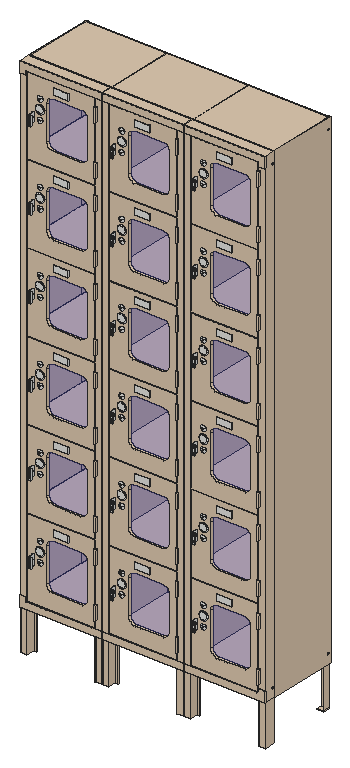
Revit family "Metal_Lockers-Salsbury_Industries-S_65000_66000_Series-3_Wide_Units", category Specialty Equipment, Revit 2016 (continued)
Nested families (in)
  nested 26: "See-Through Metal Locker Doors-12 inch with Latch Hasps" at (11.99976, -5.83, 18.74776), type <- "Door Location D1", type "Six Tier Door - 6 foot"
  nested 27: "See-Through Metal Locker Doors-12 inch with Latch Hasps" at (-0.01383, -5.83, 18.74776), type <- "Door Location D1", type "Six Tier Door - 6 foot"
  nested 28: "See-Through Metal Locker Doors-12 inch with Latch Hasps" at (-12.02717, -5.83, 18.74776), type <- "Door Location D1", type "Six Tier Door - 6 foot"
  nested 29: "See-Through Metal Locker Doors-12 inch with Latch Hasps" at (11.99976, -5.83, 30.40676), type <- "Door Location D1", type "Six Tier Door - 6 foot"
  nested 30: "See-Through Metal Locker Doors-12 inch with Latch Hasps" at (-0.01383, -5.83, 30.40676), type <- "Door Location D1", type "Six Tier Door - 6 foot"
  nested 31: "See-Through Metal Locker Doors-12 inch with Latch Hasps" at (-12.02717, -5.83, 30.40676), type <- "Door Location D1", type "Six Tier Door - 6 foot"
  nested 32: "See-Through Metal Locker Doors-12 inch with Latch Hasps" at (11.99976, -5.83, 42.06376), type <- "Door Location D1", type "Six Tier Door - 6 foot"
  nested 33: "See-Through Metal Locker Doors-12 inch with Latch Hasps" at (-0.01383, -5.83, 42.06376), type <- "Door Location D1", type "Six Tier Door - 6 foot"
  nested 34: "See-Through Metal Locker Doors-12 inch with Latch Hasps" at (-12.02717, -5.83, 42.06376), type <- "Door Location D1", type "Six Tier Door - 6 foot"
  nested 35: "See-Through Metal Locker Doors-12 inch with Latch Hasps" at (11.99976, -5.83, 53.72076), type <- "Door Location D1", type "Six Tier Door - 6 foot"
  nested 36: "See-Through Metal Locker Doors-12 inch with Latch Hasps" at (-0.01383, -5.83, 53.72076), type <- "Door Location D1", type "Six Tier Door - 6 foot"
  nested 37: "See-Through Metal Locker Doors-12 inch with Latch Hasps" at (-12.02717, -5.83, 53.72076), type <- "Door Location D1", type "Six Tier Door - 6 foot"
  nested 38: "See-Through Metal Locker Doors-12 inch with Latch Hasps" at (11.99976, -5.83, 65.37776), type <- "Door Location D1", visible <- "Top Row of Doors", type "Six Tier Door - 6 foot"
  nested 39: "See-Through Metal Locker Doors-12 inch with Latch Hasps" at (-0.01383, -5.83, 65.37776), type <- "Door Location D1", visible <- "Top Row of Doors", type "Six Tier Door - 6 foot"
  nested 40: "See-Through Metal Locker Doors-12 inch with Latch Hasps" at (-12.02717, -5.83, 65.37776), type <- "Door Location D1", visible <- "Top Row of Doors", type "Six Tier Door - 6 foot"
  nested 41: "Metal Locker Front Base" at (-12.02667, 0, 0), type <- "Front Base", type "None"
  nested 42: "Metal Locker Front Base" at (12, 0, 0), type <- "Front Base", type "None"
Definition of nested family "Metal Locker Legs - 3 Wide"
  Parameters (values of type "6" High - 45"W x 18"D")
    Width = 45.040"
    Visible = yes
    Version = "1.0 (11/30/15)"
    Type Comments = "Standard Metal Locker Legs"
    Primary Structure Material = none
    Model = "n/a"
    MasterFormat Title = ""
    MasterFormat Number = ""
    Manufacturer = "Salsbury Industries"
    Description = "45\"W x 6\" H x 18\"D"
    Depth = 18.010"
    Height = 6.000"
    Assembly Code = ""
  Types (6): name | Width | Visible | Type Comments | Description | Depth
    6" High - 36" W x 12" D | 36.040" | yes | "Standard Metal Locker Legs" | "36\"W x 6\" H x 12\"D" | 12.010"
    6" High - 36" W x 15" D | 36.040" | yes | "Standard Metal Locker Legs" | "36\"W x 6\" H x 15\"D" | 15.010"
    6" High - 36"W x 18"D | 36.040" | yes | "Standard Metal Locker Legs" | "36\"W x 6\" H x 18\"D" | 18.010"
    6" High - 45"W x 15"D | 45.040" | yes | "Standard Metal Locker Legs" | "45\"W x 6\" H x 15\"D" | 15.010"
    6" High - 45"W x 18"D | 45.040" | yes | "Standard Metal Locker Legs" | "45\"W x 6\" H x 18\"D" | 18.010"
    No Legs | 36.040" | no | "No Legs" | "" | 12.010"
  Reference planes (in)
    plane 1 "Center (Front/Back)": y = 0
    plane 2: z = 0
    plane 3 "Center (Left/Right)": x = 0
    plane 4 "Floor": z = 0
    plane 5 "Bottom of Unit": z = 6
    plane 6 "Left Side of Unit": x = -22.52
    plane 7 "Right Side of Unit": x = 22.52
    plane 8 "Back of Unit": y = 9.005
    plane 9 "Front of Unit": y = -9.005
    plane 10 "Right Side of Door Opening": x = 21.52
    plane 11 "Left Side of Door Opening": x = -21.52
    plane 12 "Top of back legs": z = 6.185
    plane 13 "Back Edge of Front Facing": y = -7.417
    plane 14 "Inside Edge of Front Leg": x = -21.08
    plane 15 "Inside Edge of Right Leg": x = 21.08
    plane 16: y = -7.82
    plane 17 "Back Edge of Rear Legs": y = 8.895
    plane 18 "Right Edge of Rear Right Leg": x = 22.4
    plane 19 "Left Edge or Rear Left Leg": x = -22.4
    plane 20: y = 7.895
    plane 21 "Inside Edge or Rear Right Leg": x = 21.4
    plane 22 "Inside Edge or Left Rear Leg": x = -21.4
    plane 23: x = 7.50667
    plane 24: x = -7.50667
  Forms (in)
    Extrusion 1, solid, material <- "Primary Structure Material", visible <- "Visible"
      sketch origin (0, 0, 0) x (0, -1, 0) y (1, 0, 0)
        loop
          line (7.417, 22.52) -> (7.417, 22.46) -> (8.945, 22.46) -> (8.945, 21.58) -> (7.76, 21.58) -> (7.76, 21.08) -> (7.82, 21.08) -> (7.82, 21.52) -> (9.005, 21.52) -> (9.005, 22.52) -> (7.417, 22.52)
      from 0 to 6
    Extrusion 2, solid, material <- "Primary Structure Material", visible <- "Visible"
      sketch origin (0, 0, 0) x (0, -1, 0) y (1, 0, 0)
        loop
          line (7.417, -22.52) -> (9.005, -22.52) -> (9.005, -21.52) -> (7.82, -21.52) -> (7.82, -21.08) -> (7.76, -21.08) -> (7.76, -21.58) -> (8.945, -21.58) -> (8.945, -22.46) -> (7.417, -22.46) -> (7.417, -22.52)
      from 0 to 6
    Extrusion 3, solid, material <- "Primary Structure Material", visible <- "Visible"
      sketch origin (0, 0, 0) x (0, -1, 0) y (1, 0, 0)
        loop
          line (-8.895, 22.4) -> (-8.895, 21.4) -> (-8.835, 21.4) -> (-8.835, 22.34) -> (-7.895, 22.34) -> (-7.895, 22.4) -> (-8.895, 22.4)
      from 0.06 to 6.185
    Extrusion 4, solid, material <- "Primary Structure Material", visible <- "Visible"
      sketch origin (0, 0, 0) x (0, -1, 0) y (1, 0, 0)
        loop
          line (-8.895, 22.4) -> (-8.895, 21.4) -> (-7.895, 21.4) -> (-7.895, 22.4) -> (-8.895, 22.4)
      from 0 to 0.06
    Extrusion 5, solid, material <- "Primary Structure Material", visible <- "Visible"
      sketch origin (0, 0, 0) x (0, -1, 0) y (1, 0, 0)
        loop
          line (-8.895, -22.4) -> (-7.895, -22.4) -> (-7.895, -22.34) -> (-8.835, -22.34) -> (-8.835, -21.4) -> (-8.895, -21.4) -> (-8.895, -22.4)
      from 0.06 to 6.185
    Extrusion 6, solid, material <- "Primary Structure Material", visible <- "Visible"
      sketch origin (0, 0, 0) x (0, -1, 0) y (1, 0, 0)
        loop
          line (-8.895, -22.4) -> (-7.895, -22.4) -> (-7.895, -21.4) -> (-8.895, -21.4) -> (-8.895, -22.4)
      from 0 to 0.06
    Extrusion 7, solid, material <- "Primary Structure Material", visible <- "Visible"
      sketch origin (12, 0, 0) x (0, -1, 0) y (1, 0, 0)
        loop
          line (7.417, -19.50667) -> (9.005, -19.50667) -> (9.005, -18.50667) -> (7.82, -18.50667) -> (7.82, -18.06667) -> (7.76, -18.06667) -> (7.76, -18.56667) -> (8.945, -18.56667) -> (8.945, -19.44667) -> (7.417, -19.44667) -> (7.417, -19.50667)
      from 0 to 6
    Extrusion 8, solid, material <- "Primary Structure Material", visible <- "Visible"
      sketch origin (24.04, 0, 0) x (0, -1, 0) y (1, 0, 0)
        loop
          line (7.417, -16.53333) -> (9.005, -16.53333) -> (9.005, -15.53333) -> (7.82, -15.53333) -> (7.82, -15.09333) -> (7.76, -15.09333) -> (7.76, -15.59333) -> (8.945, -15.59333) -> (8.945, -16.47333) -> (7.417, -16.47333) -> (7.417, -16.53333)
      from 0 to 6
    Extrusion 9, solid, material <- "Primary Structure Material", visible <- "Visible"
      sketch origin (-12, 0, 0) x (0, -1, 0) y (1, 0, 0)
        loop
          line (7.417, 19.50667) -> (7.417, 19.44667) -> (8.945, 19.44667) -> (8.945, 18.56667) -> (7.76, 18.56667) -> (7.76, 18.06667) -> (7.82, 18.06667) -> (7.82, 18.50667) -> (9.005, 18.50667) -> (9.005, 19.50667) -> (7.417, 19.50667)
      from 0 to 6
    Extrusion 10, solid, material <- "Primary Structure Material", visible <- "Visible"
      sketch origin (-24.04, 0, 0) x (0, -1, 0) y (1, 0, 0)
        loop
          line (7.417, 16.53333) -> (7.417, 16.47333) -> (8.945, 16.47333) -> (8.945, 15.59333) -> (7.76, 15.59333) -> (7.76, 15.09333) -> (7.82, 15.09333) -> (7.82, 15.53333) -> (9.005, 15.53333) -> (9.005, 16.53333) -> (7.417, 16.53333)
      from 0 to 6
  Dimensions and locks (in)
    equal spacing: plane 6 "Left Side of Unit", plane 3 "Center (Left/Right)", plane 7 "Right Side of Unit"
    "Width": plane 6 "Left Side of Unit" to plane 7 "Right Side of Unit"
    "Height": plane 5 "Bottom of Unit" to plane 4 "Floor"
    equal spacing: plane 9 "Front of Unit", plane 1 "Center (Front/Back)", plane 8 "Back of Unit"
    "Depth": plane 9 "Front of Unit" to plane 8 "Back of Unit"
    plane 12 "Top of back legs" to plane 5 "Bottom of Unit" = 0.185"
    plane 6 "Left Side of Unit" to plane 11 "Left Side of Door Opening" = 1.000"
    plane 10 "Right Side of Door Opening" to plane 7 "Right Side of Unit" = 1.000"
    locked: plane 9 "Front of Unit" to plane 13 "Back Edge of Front Facing" at 1.588
    plane 11 "Left Side of Door Opening" to plane 14 "Inside Edge of Front Leg" = 0.440"
    plane 15 "Inside Edge of Right Leg" to plane 10 "Right Side of Door Opening" = 0.440"
    plane 9 "Front of Unit" to plane 16 = 1.185"
    plane 15 "Inside Edge of Right Leg" to plane 21 "Inside Edge or Rear Right Leg" to plane 10 "Right Side of Door Opening" to plane 18 "Right Edge of Rear Right Leg" to plane 7 "Right Side of Unit" = 0.320", 0.120", 0.880", 0.120"
    plane 6 "Left Side of Unit" to plane 19 "Left Edge or Rear Left Leg" to plane 11 "Left Side of Door Opening" to plane 22 "Inside Edge or Left Rear Leg" to plane 14 "Inside Edge of Front Leg" = 0.120", 0.880", 0.120", 0.320"
    plane 20 to plane 17 "Back Edge of Rear Legs" to plane 8 "Back of Unit" = 1.000", 0.110"
    equal spacing: plane 6 "Left Side of Unit", plane 24, plane 23, plane 7 "Right Side of Unit"
    aligned and locked: level to plane 2
    aligned and locked: Extrusion 3 to Extrusion 4
    aligned and locked: Extrusion 6 to Extrusion 5
    aligned and locked: Extrusion 3 to plane 18 "Right Edge of Rear Right Leg"
    aligned and locked: Extrusion 3 to plane 17 "Back Edge of Rear Legs"
    aligned and locked: Extrusion 5 to plane 19 "Left Edge or Rear Left Leg"
    aligned and locked: plane 17 "Back Edge of Rear Legs" to Extrusion 5
    aligned and locked: plane 5 "Bottom of Unit" to Extrusion 2
    aligned and locked: Extrusion 1 to plane 5 "Bottom of Unit"
    aligned and locked: Extrusion 3 to plane 12 "Top of back legs"
    aligned and locked: plane 12 "Top of back legs" to Extrusion 5
  Automatic sketch dimensions
    plane 13 "Back Edge of Front Facing" to Extrusion 1 sketch curve = 0.000"
    Extrusion 1 sketch curve to plane 15 "Inside Edge of Right Leg" = 0.000"
    plane 16 to Extrusion 1 sketch curve = 0.000"
    Extrusion 1 sketch curve to plane 7 "Right Side of Unit" = 0.000"
    plane 9 "Front of Unit" to Extrusion 1 sketch curve = 0.000"
    Extrusion 1 sketch curve to plane 10 "Right Side of Door Opening" = 0.000"
    Extrusion 1 sketch curve to plane 16 = 0.060"
    Extrusion 1 sketch curve to plane 9 "Front of Unit" = 0.060"
    Extrusion 1 sketch curve to plane 10 "Right Side of Door Opening" = 0.060"
    plane 7 "Right Side of Unit" to Extrusion 1 sketch curve = 0.060"
    Extrusion 2 sketch curve to plane 13 "Back Edge of Front Facing" = 0.000"
    Extrusion 2 sketch curve to plane 14 "Inside Edge of Front Leg" = 0.000"
    Extrusion 2 sketch curve to plane 16 = 0.000"
    Extrusion 2 sketch curve to plane 6 "Left Side of Unit" = 0.000"
    Extrusion 2 sketch curve to plane 9 "Front of Unit" = 0.000"
    Extrusion 2 sketch curve to plane 11 "Left Side of Door Opening" = 0.000"
    plane 16 to Extrusion 2 sketch curve = 0.060"
    plane 9 "Front of Unit" to Extrusion 2 sketch curve = 0.060"
    Extrusion 2 sketch curve to plane 11 "Left Side of Door Opening" = 0.060"
    plane 6 "Left Side of Unit" to Extrusion 2 sketch curve = 0.060"
    plane 17 "Back Edge of Rear Legs" to Extrusion 3 sketch curve = 0.000"
    Extrusion 3 sketch curve to plane 21 "Inside Edge or Rear Right Leg" = 0.000"
    Extrusion 3 sketch curve to plane 18 "Right Edge of Rear Right Leg" = 0.000"
    plane 20 to Extrusion 3 sketch curve = 0.000"
    plane 17 "Back Edge of Rear Legs" to Extrusion 3 sketch curve = 0.060"
    plane 18 "Right Edge of Rear Right Leg" to Extrusion 3 sketch curve = 0.060"
    plane 17 "Back Edge of Rear Legs" to Extrusion 4 sketch curve = 0.000"
    Extrusion 4 sketch curve to plane 18 "Right Edge of Rear Right Leg" = 0.000"
    plane 20 to Extrusion 4 sketch curve = 0.000"
    Extrusion 4 sketch curve to plane 21 "Inside Edge or Rear Right Leg" = 0.000"
    Extrusion 5 sketch curve to plane 17 "Back Edge of Rear Legs" = 0.000"
    Extrusion 5 sketch curve to plane 22 "Inside Edge or Left Rear Leg" = 0.000"
    Extrusion 5 sketch curve to plane 19 "Left Edge or Rear Left Leg" = 0.000"
    Extrusion 5 sketch curve to plane 20 = 0.000"
    Extrusion 5 sketch curve to plane 17 "Back Edge of Rear Legs" = 0.060"
    Extrusion 5 sketch curve to plane 19 "Left Edge or Rear Left Leg" = 0.060"
    Extrusion 6 sketch curve to plane 17 "Back Edge of Rear Legs" = 0.000"
    Extrusion 6 sketch curve to plane 19 "Left Edge or Rear Left Leg" = 0.000"
    Extrusion 6 sketch curve to plane 20 = 0.000"
    Extrusion 6 sketch curve to plane 22 "Inside Edge or Left Rear Leg" = 0.000"
    plane 13 "Back Edge of Front Facing" to Extrusion 7 sketch curve = 0.000"
    plane 16 to Extrusion 7 sketch curve = 0.000"
    plane 9 "Front of Unit" to Extrusion 7 sketch curve = 0.000"
    Extrusion 7 sketch curve to plane 24 = 0.000"
    plane 16 to Extrusion 7 sketch curve = 0.060"
    plane 9 "Front of Unit" to Extrusion 7 sketch curve = 0.060"
    plane 24 to Extrusion 7 sketch curve = 0.060"
    plane 24 to Extrusion 7 sketch curve = 0.940"
    Extrusion 7 sketch curve to Extrusion 7 sketch curve = 0.060"
    Extrusion 7 sketch curve to Extrusion 7 sketch curve = 0.440"
    plane 13 "Back Edge of Front Facing" to Extrusion 8 sketch curve = 0.000"
    plane 16 to Extrusion 8 sketch curve = 0.000"
    plane 9 "Front of Unit" to Extrusion 8 sketch curve = 0.000"
    Extrusion 8 sketch curve to plane 23 = 0.000"
    plane 16 to Extrusion 8 sketch curve = 0.060"
    plane 9 "Front of Unit" to Extrusion 8 sketch curve = 0.060"
    plane 23 to Extrusion 8 sketch curve = 0.060"
    plane 23 to Extrusion 8 sketch curve = 0.940"
    Extrusion 8 sketch curve to Extrusion 8 sketch curve = 0.060"
    Extrusion 8 sketch curve to Extrusion 8 sketch curve = 0.440"
    plane 13 "Back Edge of Front Facing" to Extrusion 9 sketch curve = 0.000"
    plane 16 to Extrusion 9 sketch curve = 0.000"
    plane 9 "Front of Unit" to Extrusion 9 sketch curve = 0.000"
    Extrusion 9 sketch curve to plane 23 = 0.000"
    Extrusion 9 sketch curve to plane 16 = 0.060"
    Extrusion 9 sketch curve to plane 9 "Front of Unit" = 0.060"
    plane 23 to Extrusion 9 sketch curve = 0.060"
    plane 23 to Extrusion 9 sketch curve = 0.940"
    Extrusion 9 sketch curve to Extrusion 9 sketch curve = 0.060"
    Extrusion 9 sketch curve to Extrusion 9 sketch curve = 0.440"
    plane 13 "Back Edge of Front Facing" to Extrusion 10 sketch curve = 0.000"
    plane 16 to Extrusion 10 sketch curve = 0.000"
    plane 9 "Front of Unit" to Extrusion 10 sketch curve = 0.000"
    Extrusion 10 sketch curve to plane 24 = 0.000"
    Extrusion 10 sketch curve to plane 16 = 0.060"
    Extrusion 10 sketch curve to plane 9 "Front of Unit" = 0.060"
    plane 24 to Extrusion 10 sketch curve = 0.060"
    plane 24 to Extrusion 10 sketch curve = 0.940"
    Extrusion 10 sketch curve to Extrusion 10 sketch curve = 0.060"
    Extrusion 10 sketch curve to Extrusion 10 sketch curve = 0.440"
Definition of nested family "See-Through Metal Locker Doors-12 inch with Latch Hasps"
  Parameters (values of type "Four Tier Door - 6 foot")
    Window Panel = none
    Window Height = 13.000"
    Width = 9.901"
    Visible = yes
    Primary Structure Material = none
    Top of Window Vertical Alignment = 2.180"
    Number Plate Alignment = 0.738"
    Window Width = 6.000"
    Hinge 2 Placement = 14.142"
    Hinge 1 Placement = 1.125"
    Height = 17.360"
    Hasp Plate Rivet Material = none
    Hasp Height = 1.438"
    Depth = 0.350"
  Types (4): name | Window Height | Top of Window Vertical Alignment | Hinge 2 Placement | Height
    Four Tier Door - 6 foot | 13.000" | 2.180" | 14.142" | 17.360"
    Four Tier Door - 5 foot | 10.000" | 2.180" | 11.142" | 14.360"
    Five Tier Door - 5 foot | 7.000" | 2.250" | 8.188" | 11.463"
    Six Tier Door - 6 foot | 7.000" | 2.250" | 8.449" | 11.532"
  Reference planes (in)
    plane 1 "Center (Front/Back)": y = 0
    plane 2 "Bottom of Door": z = 0
    plane 3 "Center (Left/Right)": x = 0
    plane 4 "Center (Top/Bottom)": z = 8.68
    plane 5 "Top of Door": z = 17.36
    plane 6 "Right Side of Door": x = 4.9505
    plane 7 "Left Side of Door": x = -4.9505
    plane 8 "Front of Door": y = -0.175
    plane 9 "Back of Door": y = 0.175
    plane 10 "Top of Number Plate": z = 16.622
    plane 11 "Top of Window Cut Out": z = 15.18
    plane 12 "Bottom of Window Cut Out": z = 2.18
    plane 13 "Top of Hasp Alignment": z = 9.399
    plane 14 "Bottom of Hasp Alignment": z = 7.961
    plane 15 "Left Side of Window Cut Out": x = -2.0495
    plane 16 "Right Side of Window Cut Out": x = 3.9505
    plane 17 "Front of Louvers": y = -0.3625
    plane 18: z = 15.622
    plane 19 "Center Hasp": x = -1.7755
    plane 20 "Top of Hinge 2": z = 3.218
    plane 21 "Top of Hinge 1": z = 16.235
    plane 22 "Left Hasp Hole Align": x = -4.263
    plane 23 "Right Hasp Hole Align": x = -4.013
    plane 24 "Center Hasp Stud Align": z = 10.09841
    plane 25 "Top Hasp Stud Align": z = 11.51682
    plane 26 "Vertical Hasp Stud Align": x = -3.076
    plane 27 "Vertical Center Hasp Align": x = -4.13777
    plane 28 "Center of Window": x = 0.9505
    plane 29: z = 15.18
    plane 30: z = 14.18
    plane 31: z = 2.18
    plane 32: z = 3.18
    plane 33: x = -2.0495
    plane 34: x = -1.0495
    plane 35: x = 2.9505
    plane 36: x = 3.9505
    plane 37 "Left Side of Window": x = -2.2995
    plane 38 "Right Side of Window": x = 4.2005
    plane 39 "Bottom of Window": z = 1.93
    plane 40 "Top of Window": z = 15.43
    plane 41: x = -3.76277
    plane 42: y = -0.9875
    plane 43: x = -4.20027
  Forms (in)
    Extrusion 1, solid, material <- "Primary Structure Material", visible <- "Visible"
      sketch origin (0, 0, 0) x (1, 0, 0) y (0, 0, 1)
        loop
          line (-4.9505, 17.36) -> (-4.9505, 0) -> (4.9505, 0) -> (4.9505, 17.36) -> (-4.9505, 17.36)
        loop
          line (-2.0495, 14.18) -> (-2.0495, 3.18)
          arc (-2.0495, 3.18) -> (-1.75661, 2.47289) -> (-1.0495, 2.18) r 1
          line (-1.0495, 2.18) -> (2.9505, 2.18)
          arc (2.9505, 2.18) -> (3.65761, 2.47289) -> (3.9505, 3.18) r 1
          line (3.9505, 3.18) -> (3.9505, 14.18)
          arc (3.9505, 14.18) -> (3.65761, 14.88711) -> (2.9505, 15.18) r 1
          line (2.9505, 15.18) -> (-1.0495, 15.18)
          arc (-1.0495, 15.18) -> (-1.75661, 14.88711) -> (-2.0495, 14.18) r 1
      from -0.175 to 0.175
    Extrusion 2, solid, material <- "Primary Structure Material", visible <- "Visible", detail levels fine
      sketch origin (0, 0, 16.235) x (0, -1, 0) y (1, 0, 0)
        loop
          line (0.175, 4.9505) -> (0.3, 4.9505)
          arc (0.3, 4.9505) -> (0.425, 5.0755) -> (0.3, 5.2005) r 0.125
          line (0.3, 5.2005) -> (0.175, 5.2005) -> (0.175, 4.9505)
      from 0 to -2
    Extrusion 3, solid, material <- "Primary Structure Material", visible <- "Visible", detail levels fine
      sketch origin (0, 0, 3.218) x (0, -1, 0) y (1, 0, 0)
        loop
          line (0.175, 4.9505) -> (0.3, 4.9505)
          arc (0.3, 4.9505) -> (0.425, 5.0755) -> (0.3, 5.2005) r 0.125
          line (0.3, 5.2005) -> (0.175, 5.2005) -> (0.175, 4.9505)
      from 0 to -2
    Extrusion 4, void
      sketch origin (0, -0.175, 0) x (1, 0, 0) y (0, 0, 1)
        loop
          line (-4.263, 9.399) -> (-4.263, 7.961) -> (-4.013, 7.961) -> (-4.013, 9.399) -> (-4.263, 9.399)
      from -0.9 to 0
    Blend 5, solid, material <- "Hasp Plate Rivet Material", visible <- "Visible", detail levels medium+fine
      base sketch origin (0, -0.175, 0) x (1, 0, 0) y (0, 0, 1)
        loop
          circle (-3.076, 8.68) r 0.375
      top sketch origin (0, -0.175, 0) x (1, 0, 0) y (0, 0, 1)
        loop
          circle (-3.076, 8.68) r 0.09706
      from 0 to 0.03497
    Blend 6, solid, material <- "Hasp Plate Rivet Material", visible <- "Visible", detail levels medium+fine
      base sketch origin (0, -0.175, 2.83682) x (1, 0, 0) y (0, 0, 1)
        loop
          circle (-3.076, 8.68) r 0.375
      top sketch origin (0, -0.175, 2.83682) x (1, 0, 0) y (0, 0, 1)
        loop
          circle (-3.076, 8.68) r 0.09706
      from 0 to 0.03497
    Blend 7, solid, material <- "Hasp Plate Rivet Material", visible <- "Visible", detail levels medium+fine
      base sketch origin (0, -0.175, -0.16841) x (1, 0, 0) y (0, 0, 1)
        loop
          circle (-3.076, 10.26682) r 0.625
      top sketch origin (0, -0.175, -0.16841) x (1, 0, 0) y (0, 0, 1)
        loop
          circle (-3.076, 10.26682) r 0.58088
      from 0 to 0.03497
    Extrusion 8, solid, material <- "Hasp Plate Rivet Material", visible <- "Visible", detail levels medium+fine
      sketch origin (0, 0, 7.961) x (0, -1, 0) y (1, 0, 0)
        loop
          line (-0.175, -4.07527) -> (-0.175, -4.13777) -> (0.925, -4.13777)
          arc (0.925, -4.13777) -> (0.96919, -4.11946) -> (0.9875, -4.07527) r 0.0625
          line (0.9875, -4.07527) -> (0.9875, -3.76277) -> (0.93079, -3.76277) -> (0.93079, -4.0127)
          arc (0.93079, -4.0127) -> (0.91246, -4.05694) -> (0.86822, -4.07527) r 0.06257
          line (0.86822, -4.07527) -> (-0.175, -4.07527)
      from 0 to 1.438
    Extrusion 9, solid, material <- "Hasp Plate Rivet Material", visible <- "Visible", detail levels medium+fine
      sketch origin (0, 0, 7.961) x (0, -1, 0) y (1, 0, 0)
        loop
          line (-0.175, -4.20027) -> (0.9875, -4.20027) -> (0.9875, -4.13777) -> (-0.175, -4.13777) -> (-0.175, -4.20027)
      from 0 to 1.438
    Extrusion 10, void
      sketch origin (-4.013, 0, 0) x (0, 0, -1) y (0, -1, 0)
        loop
          circle (-8.68, 0.54719) r 0.375
      from 0 to 0.25
    Extrusion 11, solid, material <- "Window Panel"
      sketch origin (0, 0.175, 0) x (1, 0, 0) y (0, 0, 1)
        loop
          line (-2.2995, 15.43) -> (-2.2995, 1.93) -> (4.2005, 1.93) -> (4.2005, 15.43) -> (-2.2995, 15.43)
      from 0 to -0.25
    Extrusion 12, solid, material <- "Hasp Plate Rivet Material", detail levels medium+fine
      sketch origin (0, -0.175, 0) x (1, 0, 0) y (0, 0, 1)
        loop
          arc (-1.06847, 16.58622) -> (-1.0946, 16.12349) -> (-1.06847, 15.66075) r 4.11054
          arc (-1.06847, 15.66075) -> (0, 15.622) -> (1.06847, 15.66075) r 14.75
          arc (1.06847, 15.66075) -> (1.0946, 16.12349) -> (1.06847, 16.58622) r 4.11054
          arc (1.06847, 16.58622) -> (0, 16.61467) -> (-1.06847, 16.58622) r 20.07893
      from 0 to 0.03497
  Cuts and joins
    Extrusion 4 cuts Extrusion 1
    Extrusion 10 cuts Extrusion 8
    Extrusion 10 cuts Extrusion 9
  Lines and regions (in)
    symbolic lines
      curve 1: line (-4.9505, 0.175, 17.36) -> (4.9505, 0.175, 17.36)
      curve 2: line (-4.9505, 0.175, 0) -> (-4.9505, 0.175, 17.36)
      curve 3: line (4.9505, 0.175, 0) -> (-4.9505, 0.175, 0)
      curve 4: line (4.9505, 0.175, 17.36) -> (4.9505, 0.175, 0)
      curve 5: line (-1.0495, 0.175, 15.18) -> (2.9505, 0.175, 15.18)
      curve 6: line (3.9505, 0.175, 14.18) -> (3.9505, 0.175, 3.18)
      curve 7: line (2.9505, 0.175, 2.18) -> (-1.0495, 0.175, 2.18)
      curve 8: line (-2.0495, 0.175, 3.18) -> (-2.0495, 0.175, 14.18)
      curve 9: arc (-2.0495, 0.175, 14.18) -> (-1.75661, 0.175, 14.88711) -> (-1.0495, 0.175, 15.18) r 1
      curve 10: arc (3.9505, 0.175, 14.18) -> (3.65761, 0.175, 14.88711) -> (2.9505, 0.175, 15.18) r 1
      curve 11: arc (2.9505, 0.175, 2.18) -> (3.65761, 0.175, 2.47289) -> (3.9505, 0.175, 3.18) r 1
      curve 12: arc (-1.0495, 0.175, 2.18) -> (-1.75661, 0.175, 2.47289) -> (-2.0495, 0.175, 3.18) r 1
      curve 13: circle (-3.076, 0.175, 11.51682) r 0.375 normal (0, -1, 0)
      curve 14: circle (-3.076, 0.175, 8.68) r 0.375 normal (0, -1, 0)
      curve 15: circle (-3.076, 0.175, 10.09841) r 0.625 normal (0, -1, 0)
      curve 16: line (-4.263, 0.175, 9.399) -> (-3.76277, 0.175, 9.399)
      curve 17: line (-4.263, 0.175, 7.961) -> (-4.263, 0.175, 9.399)
      curve 18: line (-3.76277, 0.175, 7.961) -> (-4.263, 0.175, 7.961)
      curve 19: line (-3.76277, 0.175, 9.399) -> (-3.76277, 0.175, 7.961)
      curve 20: line (-4.13777, 0.175, 9.399) -> (-4.13777, 0.175, 7.961)
      curve 21: line (-4.013, -0.9875, 9.399) -> (-4.013, -0.175, 9.399)
      curve 22: line (-4.013, -0.9875, 7.961) -> (-4.013, -0.9875, 9.399)
      curve 23: line (-4.013, -0.175, 7.961) -> (-4.013, -0.9875, 7.961)
      curve 24: line (-4.013, -0.175, 9.399) -> (-4.013, -0.175, 7.961)
      curve 25: circle (-4.013, -0.55258, 8.68) r 0.37238 normal (-1, 0, 0)
      curve 26: line (-4.20027, -0.175, 0) -> (-4.13777, -0.175, 0)
      curve 27: line (-4.20027, -0.9875, 0) -> (-4.20027, -0.175, 0)
      curve 28: line (-4.13777, -0.9875, 0) -> (-4.20027, -0.9875, 0)
      curve 29: line (-4.13777, -0.175, 0) -> (-4.13777, -0.9875, 0)
      curve 30: line (-4.07527, -0.17219, 0) -> (-4.07527, -0.86822, 0)
      curve 31: line (-3.76277, -0.93079, 0) -> (-4.0127, -0.93079, 0)
      curve 32: line (-3.76277, -0.93079, 0) -> (-3.76277, -0.9875, 0)
      curve 33: line (-3.76277, -0.9875, 0) -> (-4.07527, -0.9875, 0)
      curve 34: arc (-4.0127, -0.93079, 0) -> (-4.05694, -0.91246, 0) -> (-4.07527, -0.86822, 0) r 0.06257
      curve 35: arc (-4.07527, -0.9875, 0) -> (-4.11946, -0.96919, 0) -> (-4.13777, -0.925, 0) r 0.0625
  Dimensions and locks (in)
    equal spacing: plane 5 "Top of Door", plane 4 "Center (Top/Bottom)", plane 2 "Bottom of Door"
    "Height": plane 5 "Top of Door" to plane 2 "Bottom of Door"
    equal spacing: plane 8 "Front of Door", plane 1 "Center (Front/Back)", plane 9 "Back of Door"
    "Depth": plane 8 "Front of Door" to plane 9 "Back of Door"
    equal spacing: plane 7 "Left Side of Door", plane 3 "Center (Left/Right)", plane 6 "Right Side of Door"
    "Width": plane 7 "Left Side of Door" to plane 6 "Right Side of Door"
    "Number Plate Alignment": plane 5 "Top of Door" to plane 10 "Top of Number Plate" to plane 18
    "Window Width": plane 15 "Left Side of Window Cut Out" to plane 16 "Right Side of Window Cut Out"
    "Top of Window Vertical Alignment": plane 5 "Top of Door" to plane 11 "Top of Window Cut Out"
    "Window Height": plane 11 "Top of Window Cut Out" to plane 12 "Bottom of Window Cut Out"
    plane 25 "Top Hasp Stud Align" to plane 24 "Center Hasp Stud Align" to plane 13 "Top of Hasp Alignment" to plane 4 "Center (Top/Bottom)" to plane 14 "Bottom of Hasp Alignment" = 1.41841", 0.69941", 0.719", 0.719"
    "Hasp Height": plane 13 "Top of Hasp Alignment" to plane 14 "Bottom of Hasp Alignment"
    locked: plane 17 "Front of Louvers" to plane 8 "Front of Door" at 0.1875
    "Hinge 1 Placement": plane 5 "Top of Door" to plane 21 "Top of Hinge 1"
    "Hinge 2 Placement": plane 5 "Top of Door" to plane 20 "Top of Hinge 2"
    plane 7 "Left Side of Door" to plane 22 "Left Hasp Hole Align" to plane 23 "Right Hasp Hole Align" to plane 26 "Vertical Hasp Stud Align" = 0.6875" locked, 0.250" locked, 0.937" locked
    equal spacing: plane 15 "Left Side of Window Cut Out", plane 28 "Center of Window", plane 16 "Right Side of Window Cut Out"
    locked: plane 16 "Right Side of Window Cut Out" to plane 6 "Right Side of Door" at 1
    plane 32 to plane 31 = 1.000"
    plane 29 to plane 30 = 1.000"
    plane 33 to plane 34 = 1.000"
    plane 35 to plane 36 = 1.000"
    locked: plane 12 "Bottom of Window Cut Out" to plane 39 "Bottom of Window" at 0.25
    locked: plane 37 "Left Side of Window" to plane 15 "Left Side of Window Cut Out" at 0.25
    locked: plane 16 "Right Side of Window Cut Out" to plane 38 "Right Side of Window" at 0.25
    locked: plane 40 "Top of Window" to plane 11 "Top of Window Cut Out" at 0.25
    plane 23 "Right Hasp Hole Align" to plane 41 = 0.25023"
    plane 42 to plane 17 "Front of Louvers" = 0.625"
    aligned and locked: level to plane 2 "Bottom of Door"
    aligned and locked: plane 5 "Top of Door" to Extrusion 1 sketch curve
    aligned and locked: Extrusion 1 sketch curve to plane 7 "Left Side of Door"
    aligned and locked: plane 2 "Bottom of Door" to Extrusion 1 sketch curve
    aligned and locked: plane 6 "Right Side of Door" to Extrusion 1 sketch curve
    aligned and locked: plane 13 "Top of Hasp Alignment" to Extrusion 4 sketch curve
    aligned and locked: Extrusion 4 sketch curve to plane 22 "Left Hasp Hole Align"
    aligned and locked: Extrusion 4 sketch curve to plane 14 "Bottom of Hasp Alignment"
    aligned and locked: plane 23 "Right Hasp Hole Align" to Extrusion 4 sketch curve
    aligned and locked: plane 25 "Top Hasp Stud Align" to Blend 6 sketch curve  (x2)
    aligned and locked: plane 4 "Center (Top/Bottom)" to Blend 5 sketch curve  (x2)
    aligned and locked: plane 24 "Center Hasp Stud Align" to Blend 7 sketch curve  (x2)
    aligned and locked: plane 27 "Vertical Center Hasp Align" to Extrusion 9 sketch curve
    aligned and locked: plane 27 "Vertical Center Hasp Align" to Extrusion 8 sketch curve
    aligned and locked: plane 4 "Center (Top/Bottom)" to Extrusion 10 sketch curve
    aligned and locked: plane 11 "Top of Window Cut Out" to plane 29
    aligned and locked: plane 12 "Bottom of Window Cut Out" to plane 31
    aligned and locked: plane 16 "Right Side of Window Cut Out" to plane 36
    aligned and locked: plane 15 "Left Side of Window Cut Out" to plane 33
    aligned and locked: plane 29 to Extrusion 1 sketch curve  (x2)
    aligned and locked: plane 30 to Extrusion 1 sketch curve  (x2)
    aligned and locked: Extrusion 1 sketch curve to plane 33
    aligned and locked: Extrusion 1 sketch curve to plane 34
    aligned and locked: Extrusion 1 sketch curve to plane 36
    aligned and locked: Extrusion 1 sketch curve to plane 35
    aligned and locked: plane 31 to Extrusion 1 sketch curve  (x2)
    aligned and locked: plane 32 to Extrusion 1 sketch curve  (x2)
    aligned and locked: plane 33 to Extrusion 1 sketch curve
    aligned and locked: plane 34 to Extrusion 1 sketch curve
    aligned and locked: plane 36 to Extrusion 1 sketch curve
    aligned and locked: plane 35 to Extrusion 1 sketch curve
    aligned and locked: plane 8 "Front of Door" to cut or joined group of Extrusion 1, Extrusion 4
    aligned and locked: cut or joined group of Extrusion 1, Extrusion 4 to plane 9 "Back of Door"
    aligned and locked: plane 5 "Top of Door" to curve 1
    aligned and locked: curve 2 to plane 7 "Left Side of Door"
    aligned and locked: plane 6 "Right Side of Door" to curve 4
    aligned and locked: plane 2 "Bottom of Door" to curve 3
    aligned and locked: curve 5 to cut or joined group of Extrusion 1, Extrusion 4
    aligned and locked: curve 6 to cut or joined group of Extrusion 1, Extrusion 4
    aligned and locked: curve 7 to cut or joined group of Extrusion 1, Extrusion 4
    aligned and locked: curve 8 to cut or joined group of Extrusion 1, Extrusion 4
    aligned and locked: plane 13 "Top of Hasp Alignment" to curve 16
    aligned and locked: curve 18 to plane 14 "Bottom of Hasp Alignment"
    aligned and locked: curve 17 to plane 22 "Left Hasp Hole Align"
    aligned and locked: plane 41 to curve 19
    aligned and locked: plane 14 "Bottom of Hasp Alignment" to curve 20
    aligned and locked: plane 13 "Top of Hasp Alignment" to curve 20
    aligned and locked: plane 27 "Vertical Center Hasp Align" to curve 20
    aligned and locked: plane 8 "Front of Door" to curve 24
    aligned and locked: curve 23 to plane 14 "Bottom of Hasp Alignment"
    aligned and locked: plane 13 "Top of Hasp Alignment" to curve 21
    aligned and locked: curve 22 to plane 42
    aligned and locked: plane 27 "Vertical Center Hasp Align" to curve 29
    aligned and locked: curve 27 to plane 43
    aligned and locked: plane 8 "Front of Door" to curve 26
    aligned and locked: curve 30 to cut or joined group of Extrusion 8, Extrusion 10
    aligned and locked: curve 31 to cut or joined group of Extrusion 8, Extrusion 10
    aligned and locked: curve 32 to cut or joined group of Extrusion 8, Extrusion 10
    aligned and locked: curve 33 to cut or joined group of Extrusion 8, Extrusion 10
  Automatic sketch dimensions
    Extrusion 2 sketch curve to plane 6 "Right Side of Door" = 0.000"
    plane 8 "Front of Door" to Extrusion 2 sketch curve = 0.000"
    Extrusion 2 sketch curve to plane 17 "Front of Louvers" = 0.0625"
    Extrusion 2 sketch curve to plane 6 "Right Side of Door" = 0.125"
    Extrusion 3 sketch curve to plane 6 "Right Side of Door" = 0.000"
    plane 8 "Front of Door" to Extrusion 3 sketch curve = 0.000"
    Extrusion 3 sketch curve to plane 17 "Front of Louvers" = 0.0625"
    Extrusion 3 sketch curve to plane 6 "Right Side of Door" = 0.125"
    plane 26 "Vertical Hasp Stud Align" to Blend 5 sketch curve = 0.000"  (x2)
    plane 26 "Vertical Hasp Stud Align" to Blend 6 sketch curve = 0.000"  (x2)
    Extrusion 8 sketch curve to plane 1 "Center (Front/Back)" = 0.175"
    plane 23 "Right Hasp Hole Align" to Extrusion 8 sketch curve = 0.06227"
    Extrusion 8 sketch curve to plane 23 "Right Hasp Hole Align" = 0.0003"
    plane 17 "Front of Louvers" to Extrusion 8 sketch curve = 0.50572"
    Extrusion 8 sketch curve to Extrusion 8 sketch curve = 0.05678"
    Extrusion 8 sketch curve to Extrusion 8 sketch curve = 0.24993"
    plane 9 "Back of Door" to Extrusion 9 sketch curve = 0.000"
    plane 17 "Front of Louvers" to Extrusion 9 sketch curve = 0.625"
    Extrusion 9 sketch curve to plane 22 "Left Hasp Hole Align" = 0.06273"
    Extrusion 8 sketch curve to Extrusion 8 sketch curve = 0.06257"
    plane 17 "Front of Louvers" to Extrusion 10 sketch curve = 0.18469"
    plane 26 "Vertical Hasp Stud Align" to Blend 7 sketch curve = 0.000"  (x2)
    plane 37 "Left Side of Window" to Extrusion 11 sketch curve = 0.000"
    plane 38 "Right Side of Window" to Extrusion 11 sketch curve = 0.000"
    Extrusion 11 sketch curve to plane 39 "Bottom of Window" = 0.000"
    plane 40 "Top of Window" to Extrusion 11 sketch curve = 0.000"
    Extrusion 12 sketch curve to plane 3 "Center (Left/Right)" = 0.000"  (x2)
    Extrusion 12 sketch curve to plane 26 "Vertical Hasp Stud Align" = 0.06006"
    plane 21 "Top of Hinge 1" to Extrusion 12 sketch curve = 0.11151"  (x2)
    plane 16 "Right Side of Window Cut Out" to Extrusion 12 sketch curve = 0.93456"
    Extrusion 12 sketch curve to level = 3.46426"
    Extrusion 12 sketch curve to plane 5 "Top of Door" = 13.012"
    plane 10 "Top of Number Plate" to Extrusion 12 sketch curve = 0.03578"  (x2)
    Extrusion 12 sketch curve to plane 19 "Center Hasp" = 0.70703"
    Extrusion 12 sketch curve to plane 18 = 0.03875"
    curve 13 to plane 25 "Top Hasp Stud Align" = 0.000"
    plane 26 "Vertical Hasp Stud Align" to curve 13 = 0.000"
    curve 14 to plane 4 "Center (Top/Bottom)" = 0.000"
    plane 26 "Vertical Hasp Stud Align" to curve 14 = 0.000"
    curve 15 to plane 24 "Center Hasp Stud Align" = 0.000"
    plane 26 "Vertical Hasp Stud Align" to curve 15 = 0.000"
    curve 7 to plane 19 "Center Hasp" = 0.726"
    curve 5 to plane 19 "Center Hasp" = 0.726"
    plane 16 "Right Side of Window Cut Out" to curve 7 = 1.000"
    plane 16 "Right Side of Window Cut Out" to curve 5 = 1.000"
    plane 4 "Center (Top/Bottom)" to curve 25 = 0.000"
    plane 17 "Front of Louvers" to curve 25 = 0.19008"
    plane 42 to curve 29 = 0.000"
    curve 35 to curve 30 = 0.000"
    curve 34 to plane 23 "Right Hasp Hole Align" = 0.0003"
    curve 30 to plane 8 "Front of Door" = 0.00281"
    radius of Blend 5 sketch curve = 0.375"
    radius of Blend 5 sketch curve = 0.09706"
    radius of Blend 6 sketch curve = 0.375"
    radius of Blend 6 sketch curve = 0.09706"
    radius of Extrusion 10 sketch curve = 0.375"
    radius of Blend 7 sketch curve = 0.625"
    radius of Blend 7 sketch curve = 0.58088"
    radius of curve 13 = 0.375"
    radius of curve 14 = 0.375"
    radius of curve 15 = 0.625"
    radius of curve 25 = 0.37238"
Definition of nested family "Metal Locker Front Base"
  Parameters (values of type "77742 - for 12" W Lockers with Legs")
    Width = 10.040"
    Visible [instance] = yes
    Version = "1.0 (11/30/15)"
    Type Comments = "Front Base for Standard Metal Lockers"
    Primary Structure Material = none
    Model = "77742"
    MasterFormat Title = ""
    MasterFormat Number = ""
    Manufacturer = "Salsbury Industries"
    Description = "Front Base for 12\" Wide Lockers"
    Depth = 1.185"
    Height = 6.000"
    Assembly Code = ""
  Types (3): name | Width | Visible | Model | Description
    77742 - for 12" W Lockers with Legs | 10.040" | yes | "77742" | "Front Base for 12\" Wide Lockers"
    77745 - for 15" W Lockers with Legs | 13.040" | yes | "77745" | "Front Base for 15\" Wide Lockers"
    None | 10.040" | no | "77742" | "Front Base for 12\" Wide Lockers"
  Reference planes (in)
    plane 1 "Center (Front/Back)": y = -5.417
    plane 2: z = 0
    plane 3 "Center (Left/Right)": x = 0
    plane 4 "Floor": z = 0
    plane 5 "Top of Enclosure": z = 6
    plane 6 "Front of Enclosure": y = -6.005
    plane 7 "Right Side of Enclosure": x = 5.02
    plane 8 "Left Side of Enclosure": x = -5.02
    plane 9 "Back of Enclosure": y = -4.82
  Forms (in)
    Extrusion 1, solid, material <- "Primary Structure Material", visible <- "Visible"
      sketch origin (0, -6.005, 0) x (1, 0, 0) y (0, 0, 1)
        loop
          line (-5.02, 6) -> (-5.02, 0) -> (5.02, 0) -> (5.02, 6) -> (-5.02, 6)
      from -0.06 to 0
    Extrusion 2, solid, material <- "Primary Structure Material", visible <- "Visible"
      sketch origin (0, 0, 0) x (0, 1, 0) y (0, 0, 1)
        loop
          line (-5.945, 6) -> (-5.945, 5.94) -> (-4.82, 5.94) -> (-4.82, 6) -> (-5.945, 6)
      from -5.02 to 5.02
    Extrusion 3, solid, material <- "Primary Structure Material", visible <- "Visible"
      sketch origin (5.02, 0, 0) x (0, 0, -1) y (0, -1, 0)
        loop
          line (-5.75, 5.945) -> (-5.75, 4.82) -> (-0.25, 4.82) -> (-0.25, 5.945) -> (-5.75, 5.945)
      from 0 to 0.06
    Extrusion 4, solid, material <- "Primary Structure Material", visible <- "Visible"
      sketch origin (-5.02, 0, 0) x (0, 0, -1) y (0, -1, 0)
        loop
          line (-5.75, 5.945) -> (-5.75, 4.82) -> (-0.25, 4.82) -> (-0.25, 5.945) -> (-5.75, 5.945)
      from 0 to -0.06
  Dimensions and locks (in)
    "Height": plane 5 "Top of Enclosure" to plane 4 "Floor"
    plane 6 "Front of Enclosure" to plane 1 "Center (Front/Back)" = 0.588"
    "Depth": plane 6 "Front of Enclosure" to plane 9 "Back of Enclosure"
    equal spacing: plane 8 "Left Side of Enclosure", plane 3 "Center (Left/Right)", plane 7 "Right Side of Enclosure"
    "Width": plane 8 "Left Side of Enclosure" to plane 7 "Right Side of Enclosure"
    aligned and locked: level to plane 2
    aligned and locked: plane 8 "Left Side of Enclosure" to Extrusion 2
    aligned and locked: Extrusion 2 to plane 7 "Right Side of Enclosure"
    aligned and locked: Extrusion 1 to plane 7 "Right Side of Enclosure"
  Automatic sketch dimensions
    Extrusion 1 sketch curve to Extrusion 1 sketch curve = 10.040"
    Extrusion 1 sketch curve to Extrusion 1 sketch curve = 6.000"
    Extrusion 2 sketch curve to Extrusion 2 sketch curve = 1.125"
    Extrusion 2 sketch curve to Extrusion 2 sketch curve = 0.060"
    Extrusion 3 sketch curve to Extrusion 3 sketch curve = 5.500"
    Extrusion 3 sketch curve to Extrusion 3 sketch curve = 1.125"
    Extrusion 4 sketch curve to Extrusion 4 sketch curve = 5.500"
    Extrusion 4 sketch curve to Extrusion 4 sketch curve = 1.125"
    Extrusion 1 sketch curve to level = 0.000"
    plane 8 "Left Side of Enclosure" to Extrusion 1 sketch curve = 0.000"
    plane 5 "Top of Enclosure" to Extrusion 2 sketch curve = 0.000"
    Extrusion 2 sketch curve to plane 9 "Back of Enclosure" = 0.000"
    Extrusion 3 sketch curve to plane 9 "Back of Enclosure" = 0.000"
    plane 5 "Top of Enclosure" to Extrusion 3 sketch curve = 0.250"
    Extrusion 4 sketch curve to plane 9 "Back of Enclosure" = 0.000"
    plane 5 "Top of Enclosure" to Extrusion 4 sketch curve = 0.250"
Definition of nested family "Metal Locker Right Side Base"
  Parameters (values of type "77732 Right - for 12" D Lockers with Legs")
    Width including Rivet [instance] = 1.290"
    Visible = yes
    Primary Structure Material = none
    Depth = 10.422"
    Version = "1.0 (11/30/15)"
    Type Comments = "End Base for Standard Metal Lockers"
    Model = "77732"
    MasterFormat Title = ""
    MasterFormat Number = ""
    Manufacturer = "Salsbury Industries"
    Description = "1.25\"W x 6\" H x 10\"D"
    Width = 1.250"
    Height = 6.000"
    Assembly Code = ""
  Types (4): name | Visible | Depth | Model | Description
    77732 Right - for 12" D Lockers with Legs | yes | 10.422" | "77732" | "1.25\"W x 6\" H x 10\"D"
    77735 Right - for 15" D Lockers with Legs | yes | 13.422" | "77735" | "1.25\"W x 6\" H x 13\"D"
    77738 Right - for 18" D Lockers with Legs | yes | 16.422" | "77738" | "1.25\"W x 6\" H x 16\"D"
    None | no | 10.422" | "" | ""
  Reference planes (in)
    plane 1 "Center (Front/Back)": y = 0
    plane 2: z = 0
    plane 3 "Center (Left/Right)": x = 5.395
    plane 4 "Floor": z = 0
    plane 5 "Top of Enclosure": z = 6
    plane 6 "Left Side of Unit": x = 4.77
    plane 7 "Right Side of Unit": x = 6.02
    plane 8 "Left Edge of Enclosure": y = -5.211
    plane 9 "Right Edge of Enclosure": y = 5.211
    plane 10 "Left Edge of Insert": y = -6.27647
    plane 11 "Right Edge of Insert": y = -5.15147
    plane 12 "Rivet Edge": x = 6.06
  Forms (in)
    Extrusion 1, solid, material <- "Primary Structure Material", visible <- "Visible"
      sketch origin (6.02, 0, 0) x (0, 0, -1) y (0, -1, 0)
        loop
          line (-6, 5.211) -> (-6, -5.211) -> (0, -5.211) -> (0, 5.211) -> (-6, 5.211)
      from 0 to 0.06
    Extrusion 2, solid, material <- "Primary Structure Material", visible <- "Visible"
      sketch origin (0, 0, 6) x (0, -1, 0) y (1, 0, 0)
        loop
          line (5.15147, 5.96) -> (5.15147, 5.9) -> (6.27647, 5.9) -> (6.27647, 5.96) -> (5.15147, 5.96)
      from -6 to 0
    Extrusion 3, solid, material <- "Primary Structure Material", visible <- "Visible"
      sketch origin (6.02, 0, 0) x (0, 0, -1) y (0, -1, 0)
        loop
          line (-6, 4.90147) -> (-6, -3.961) -> (-5.94, -3.961) -> (-5.94, 4.90147) -> (-6, 4.90147)
      from 0.06 to 1.25
    Extrusion 4, solid, material <- "Primary Structure Material", visible <- "Visible"
      sketch origin (6.02, 0, -5.94) x (0, 0, -1) y (0, -1, 0)
        loop
          line (-6, 4.90147) -> (-6, -3.961) -> (-5.94, -3.961) -> (-5.94, 4.90147) -> (-6, 4.90147)
      from 0.06 to 1.25
  Dimensions and locks (in)
    "Height": plane 5 "Top of Enclosure" to plane 4 "Floor"
    plane 10 "Left Edge of Insert" to plane 8 "Left Edge of Enclosure" to plane 11 "Right Edge of Insert" = 1.06547" locked, 0.05953" locked
    equal spacing: plane 8 "Left Edge of Enclosure", plane 1 "Center (Front/Back)", plane 9 "Right Edge of Enclosure"
    "Depth": plane 8 "Left Edge of Enclosure" to plane 9 "Right Edge of Enclosure"
    equal spacing: plane 6 "Left Side of Unit", plane 3 "Center (Left/Right)", plane 7 "Right Side of Unit"
    "Width": plane 6 "Left Side of Unit" to plane 7 "Right Side of Unit"
    locked: plane 7 "Right Side of Unit" to plane 12 "Rivet Edge" at 0.04
    "Width including Rivet": plane 6 "Left Side of Unit" to plane 12 "Rivet Edge"
    aligned and locked: level to plane 2
    aligned and locked: plane 11 "Right Edge of Insert" to Extrusion 2
    aligned and locked: plane 10 "Left Edge of Insert" to Extrusion 2
    aligned and locked: Extrusion 3 to Extrusion 1
    aligned and locked: plane 6 "Left Side of Unit" to Extrusion 3
  Automatic sketch dimensions
    plane 5 "Top of Enclosure" to Extrusion 1 sketch curve = 0.000"
    Extrusion 1 sketch curve to level = 0.000"
    Extrusion 2 sketch curve to plane 8 "Left Edge of Enclosure" = 0.05953"
    plane 7 "Right Side of Unit" to Extrusion 2 sketch curve = 0.120"
    Extrusion 2 sketch curve to Extrusion 2 sketch curve = 0.060"
    Extrusion 1 sketch curve to plane 8 "Left Edge of Enclosure" = 0.000"
    Extrusion 1 sketch curve to plane 9 "Right Edge of Enclosure" = 0.000"
    plane 10 "Left Edge of Insert" to Extrusion 2 sketch curve = 0.000"
    plane 5 "Top of Enclosure" to Extrusion 3 sketch curve = 0.000"
    Extrusion 3 sketch curve to Extrusion 3 sketch curve = 0.060"
    plane 9 "Right Edge of Enclosure" to Extrusion 3 sketch curve = 1.250"
    Extrusion 3 sketch curve to plane 11 "Right Edge of Insert" = 0.250"
    Extrusion 4 sketch curve to level = 0.000"
    level to Extrusion 4 sketch curve = 0.060"
    plane 9 "Right Edge of Enclosure" to Extrusion 4 sketch curve = 1.250"
    Extrusion 4 sketch curve to plane 11 "Right Edge of Insert" = 0.250"
Definition of nested family "Metal Locker Left Side Base"
  Parameters (values of type "77732 Left - for 12" D Lockers with Legs")
    Width including Rivet [instance] = 1.290"
    Visible = yes
    Primary Structure Material = none
    Depth = 10.422"
    Version = "1.0 (11/30/15)"
    Type Comments = "End Base for Standard Metal Lockers"
    Model = "77732"
    MasterFormat Title = ""
    MasterFormat Number = ""
    Manufacturer = "Salsbury Industries"
    Description = "1.25\"W x 6\" H x 10\"D"
    Width = 1.250"
    Height = 6.000"
    Assembly Code = ""
  Types (4): name | Visible | Depth | Model | Description
    77732 Left - for 12" D Lockers with Legs | yes | 10.422" | "77732" | "1.25\"W x 6\" H x 10\"D"
    77735 Left - for 15" D Lockers with Legs | yes | 13.422" | "77735" | "1.25\"W x 6\" H x 13\"D"
    77738 Left - for 18" D Lockers with Legs | yes | 16.422" | "77738" | "1.25\"W x 6\" H x 16\"D"
    None | no | 10.422" | "" | ""
  Reference planes (in)
    plane 1 "Center (Front/Back)": y = 0
    plane 2: z = 0
    plane 3 "Center (Left/Right)": x = 5.395
    plane 4 "Floor": z = 0
    plane 5 "Top of Enclosure": z = 6
    plane 6 "Left Side of Unit": x = 4.77
    plane 7 "Right Side of Unit": x = 6.02
    plane 8 "Left Edge of Enclosure": y = -5.211
    plane 9 "Right Edge of Enclosure": y = 5.211
    plane 10 "Left Edge of Insert": y = -6.27647
    plane 11 "Right Edge of Insert": y = -5.15147
    plane 12 "Edge of Rivet": x = 4.73
  Forms (in)
    Extrusion 1, solid, material <- "Primary Structure Material", visible <- "Visible"
      sketch origin (6.02, 0, 0) x (0, 0, -1) y (0, -1, 0)
        loop
          line (-6, 4.90147) -> (-6, -3.961) -> (-5.94, -3.961) -> (-5.94, 4.90147) -> (-6, 4.90147)
      from 0 to 1.19
    Extrusion 2, solid, material <- "Primary Structure Material", visible <- "Visible"
      sketch origin (6.02, 0, -5.94) x (0, 0, -1) y (0, -1, 0)
        loop
          line (-6, 4.90147) -> (-6, -3.961) -> (-5.94, -3.961) -> (-5.94, 4.90147) -> (-6, 4.90147)
      from 0 to 1.19
    Extrusion 3, solid, material <- "Primary Structure Material", visible <- "Visible"
      sketch origin (4.77, 0, 0) x (0, 0, -1) y (0, 1, 0)
        loop
          line (-6, -5.211) -> (0, -5.211) -> (0, 5.211) -> (-6, 5.211) -> (-6, -5.211)
      from 0 to 0.06
    Extrusion 4, solid, material <- "Primary Structure Material", visible <- "Visible"
      sketch origin (10.79, 0, 6) x (0, -1, 0) y (1, 0, 0)
        loop
          line (5.15147, -5.96) -> (6.27647, -5.96) -> (6.27647, -5.9) -> (5.15147, -5.9) -> (5.15147, -5.96)
      from -6 to 0
  Dimensions and locks (in)
    "Height": plane 5 "Top of Enclosure" to plane 4 "Floor"
    plane 10 "Left Edge of Insert" to plane 8 "Left Edge of Enclosure" to plane 11 "Right Edge of Insert" = 1.06547" locked, 0.05953" locked
    equal spacing: plane 8 "Left Edge of Enclosure", plane 1 "Center (Front/Back)", plane 9 "Right Edge of Enclosure"
    "Depth": plane 8 "Left Edge of Enclosure" to plane 9 "Right Edge of Enclosure"
    equal spacing: plane 6 "Left Side of Unit", plane 3 "Center (Left/Right)", plane 7 "Right Side of Unit"
    "Width": plane 6 "Left Side of Unit" to plane 7 "Right Side of Unit"
    "Width including Rivet": plane 12 "Edge of Rivet" to plane 7 "Right Side of Unit"
    plane 12 "Edge of Rivet" to plane 6 "Left Side of Unit" = 0.040"
    aligned and locked: level to plane 2
    aligned and locked: Extrusion 1 to Extrusion 3
    aligned and locked: Extrusion 2 to Extrusion 3
  Automatic sketch dimensions
    plane 5 "Top of Enclosure" to Extrusion 1 sketch curve = 0.000"
    Extrusion 1 sketch curve to Extrusion 1 sketch curve = 0.060"
    plane 9 "Right Edge of Enclosure" to Extrusion 1 sketch curve = 1.250"
    Extrusion 1 sketch curve to plane 11 "Right Edge of Insert" = 0.250"
    Extrusion 2 sketch curve to level = 0.000"
    level to Extrusion 2 sketch curve = 0.060"
    plane 9 "Right Edge of Enclosure" to Extrusion 2 sketch curve = 1.250"
    Extrusion 2 sketch curve to plane 11 "Right Edge of Insert" = 0.250"
    plane 5 "Top of Enclosure" to Extrusion 3 sketch curve = 0.000"
    Extrusion 3 sketch curve to level = 0.000"
    Extrusion 3 sketch curve to plane 8 "Left Edge of Enclosure" = 0.000"
    Extrusion 3 sketch curve to plane 9 "Right Edge of Enclosure" = 0.000"
    plane 11 "Right Edge of Insert" to Extrusion 4 sketch curve = 0.000"
    plane 10 "Left Edge of Insert" to Extrusion 4 sketch curve = 0.000"
    plane 6 "Left Side of Unit" to Extrusion 4 sketch curve = 0.120"
    Extrusion 4 sketch curve to Extrusion 4 sketch curve = 0.060"
Definition of nested family "Metal Locker Zee Base - 3 Wide"
  Parameters (values of type "77572- 36" W x 12" D")
    Width = 36.040"
    Visible = yes
    Version = "1.0 (11/30/15)"
    Type Comments = "Zee Base Kit for Standard Metal Lockers - No Legs"
    Primary Structure Material = none
    Model = "77572"
    MasterFormat Title = ""
    MasterFormat Number = ""
    Manufacturer = "Salsbury Industries"
    Description = "4\" H x 6' L - for 12\" Deep Lockers (Includes 6 Foot Front Base, 2 End Bases, Corner Splicer and 4 Rear Legs)"
    Depth = 12.010"
    Height = 4.000"
    Assembly Code = ""
  Types (6): name | Width | Visible | Model | Depth
    77572- 36" W x 12" D | 36.040" | yes | "77572" | 12.010"
    77575 - 36" W x 15" D | 36.040" | yes | "77575" | 15.010"
    77578 - 36"W x 18"D | 36.040" | yes | "77578" | 18.010"
    77575 - 45"W x 15"D | 45.040" | yes | "77575" | 15.010"
    77578 - 45"W x 18"D | 45.040" | yes | "77578" | 18.010"
    None | 36.040" | no | "77572" | 12.010"
  Reference planes (in)
    plane 1 "Center (Front/Back)": y = 0
    plane 2: z = 0
    plane 3 "Center (Left/Right)": x = 0
    plane 4 "Floor": z = 0
    plane 5 "Bottom of Unit": z = 4
    plane 6 "Left Side of Unit": x = -18.02
    plane 7 "Right Side of Unit": x = 18.02
    plane 8 "Back of Unit": y = 6.005
    plane 9 "Front of Unit": y = -6.005
    plane 10 "Right Side of Door Opening": x = 17.02
    plane 11 "Left Side of Door Opening": x = -17.02
    plane 12 "Top of back legs": z = 4.185
    plane 13 "Back Edge of Front Facing": y = -4.417
    plane 14 "Inside Edge of Front Leg": x = -16.58
    plane 15 "Inside Edge of Right Leg": x = 16.58
    plane 16: y = -4.82
    plane 17 "Back Edge of Rear Legs": y = 5.895
    plane 18 "Right Edge of Rear Right Leg": x = 17.9
    plane 19 "Left Edge or Rear Left Leg": x = -17.9
    plane 20: y = 4.895
    plane 21 "Inside Edge or Rear Right Leg": x = 16.9
    plane 22 "Inside Edge or Left Rear Leg": x = -16.9
  Forms (in)
    Extrusion 1, solid, material <- "Primary Structure Material", visible <- "Visible"
      sketch origin (0, 0, 0) x (0, -1, 0) y (1, 0, 0)
        loop
          line (-5.895, 17.9) -> (-5.895, 16.9) -> (-5.835, 16.9) -> (-5.835, 17.84) -> (-4.895, 17.84) -> (-4.895, 17.9) -> (-5.895, 17.9)
      from 0.06 to 4.185
    Extrusion 2, solid, material <- "Primary Structure Material", visible <- "Visible"
      sketch origin (0, 0, 0) x (0, -1, 0) y (1, 0, 0)
        loop
          line (-5.895, 17.9) -> (-5.895, 16.9) -> (-4.895, 16.9) -> (-4.895, 17.9) -> (-5.895, 17.9)
      from 0 to 0.06
    Extrusion 3, solid, material <- "Primary Structure Material", visible <- "Visible"
      sketch origin (0, 0, 0) x (0, -1, 0) y (1, 0, 0)
        loop
          line (-5.895, -17.9) -> (-4.895, -17.9) -> (-4.895, -17.84) -> (-5.835, -17.84) -> (-5.835, -16.9) -> (-5.895, -16.9) -> (-5.895, -17.9)
      from 0.06 to 4.185
    Extrusion 4, solid, material <- "Primary Structure Material", visible <- "Visible"
      sketch origin (0, 0, 0) x (0, -1, 0) y (1, 0, 0)
        loop
          line (-5.895, -17.9) -> (-4.895, -17.9) -> (-4.895, -16.9) -> (-5.895, -16.9) -> (-5.895, -17.9)
      from 0 to 0.06
    Extrusion 5, solid, material <- "Primary Structure Material", visible <- "Visible"
      sketch origin (0, 0, 0) x (0, 1, 0) y (0, 0, 1)
        loop
          line (-6.005, 4) -> (-6.005, 3.94) -> (-4.417, 3.94) -> (-4.417, 0) -> (-2.769, 0) -> (-2.769, 0.06) -> (-4.357, 0.06) -> (-4.357, 4) -> (-6.005, 4)
      from -18.02 to 18.02
  Dimensions and locks (in)
    equal spacing: plane 6 "Left Side of Unit", plane 3 "Center (Left/Right)", plane 7 "Right Side of Unit"
    "Width": plane 6 "Left Side of Unit" to plane 7 "Right Side of Unit"
    "Height": plane 5 "Bottom of Unit" to plane 4 "Floor"
    equal spacing: plane 9 "Front of Unit", plane 1 "Center (Front/Back)", plane 8 "Back of Unit"
    "Depth": plane 9 "Front of Unit" to plane 8 "Back of Unit"
    plane 12 "Top of back legs" to plane 5 "Bottom of Unit" = 0.185"
    plane 6 "Left Side of Unit" to plane 11 "Left Side of Door Opening" = 1.000"
    plane 10 "Right Side of Door Opening" to plane 7 "Right Side of Unit" = 1.000"
    locked: plane 9 "Front of Unit" to plane 13 "Back Edge of Front Facing" at 1.588
    plane 11 "Left Side of Door Opening" to plane 14 "Inside Edge of Front Leg" = 0.440"
    plane 15 "Inside Edge of Right Leg" to plane 10 "Right Side of Door Opening" = 0.440"
    plane 9 "Front of Unit" to plane 16 = 1.185"
    plane 15 "Inside Edge of Right Leg" to plane 21 "Inside Edge or Rear Right Leg" to plane 10 "Right Side of Door Opening" to plane 18 "Right Edge of Rear Right Leg" to plane 7 "Right Side of Unit" = 0.320", 0.120", 0.880", 0.120"
    plane 6 "Left Side of Unit" to plane 19 "Left Edge or Rear Left Leg" to plane 11 "Left Side of Door Opening" to plane 22 "Inside Edge or Left Rear Leg" to plane 14 "Inside Edge of Front Leg" = 0.120", 0.880", 0.120", 0.320"
    plane 20 to plane 17 "Back Edge of Rear Legs" to plane 8 "Back of Unit" = 1.000", 0.110"
    aligned and locked: level to plane 2
    aligned and locked: Extrusion 1 to Extrusion 2
    aligned and locked: Extrusion 4 to Extrusion 3
    aligned and locked: Extrusion 1 to plane 18 "Right Edge of Rear Right Leg"
    aligned and locked: Extrusion 1 to plane 17 "Back Edge of Rear Legs"
    aligned and locked: Extrusion 3 to plane 19 "Left Edge or Rear Left Leg"
    aligned and locked: plane 17 "Back Edge of Rear Legs" to Extrusion 3
    aligned and locked: Extrusion 1 to plane 12 "Top of back legs"
    aligned and locked: plane 12 "Top of back legs" to Extrusion 3
    aligned and locked: Extrusion 5 to plane 7 "Right Side of Unit"
    aligned and locked: plane 6 "Left Side of Unit" to Extrusion 5
  Automatic sketch dimensions
    plane 17 "Back Edge of Rear Legs" to Extrusion 1 sketch curve = 0.000"
    Extrusion 1 sketch curve to plane 21 "Inside Edge or Rear Right Leg" = 0.000"
    Extrusion 1 sketch curve to plane 18 "Right Edge of Rear Right Leg" = 0.000"
    plane 20 to Extrusion 1 sketch curve = 0.000"
    plane 17 "Back Edge of Rear Legs" to Extrusion 1 sketch curve = 0.060"
    plane 18 "Right Edge of Rear Right Leg" to Extrusion 1 sketch curve = 0.060"
    plane 17 "Back Edge of Rear Legs" to Extrusion 2 sketch curve = 0.000"
    Extrusion 2 sketch curve to plane 18 "Right Edge of Rear Right Leg" = 0.000"
    plane 20 to Extrusion 2 sketch curve = 0.000"
    Extrusion 2 sketch curve to plane 21 "Inside Edge or Rear Right Leg" = 0.000"
    plane 17 "Back Edge of Rear Legs" to Extrusion 3 sketch curve = 0.000"
    Extrusion 3 sketch curve to plane 22 "Inside Edge or Left Rear Leg" = 0.000"
    Extrusion 3 sketch curve to plane 19 "Left Edge or Rear Left Leg" = 0.000"
    plane 20 to Extrusion 3 sketch curve = 0.000"
    Extrusion 3 sketch curve to plane 17 "Back Edge of Rear Legs" = 0.060"
    Extrusion 3 sketch curve to plane 19 "Left Edge or Rear Left Leg" = 0.060"
    plane 17 "Back Edge of Rear Legs" to Extrusion 4 sketch curve = 0.000"
    Extrusion 4 sketch curve to plane 19 "Left Edge or Rear Left Leg" = 0.000"
    plane 20 to Extrusion 4 sketch curve = 0.000"
    Extrusion 4 sketch curve to plane 22 "Inside Edge or Left Rear Leg" = 0.000"
    Extrusion 5 sketch curve to plane 9 "Front of Unit" = 0.000"
    Extrusion 5 sketch curve to level = 0.000"
    Extrusion 5 sketch curve to plane 13 "Back Edge of Front Facing" = 0.000"
    plane 5 "Bottom of Unit" to Extrusion 5 sketch curve = 0.000"
    Extrusion 5 sketch curve to plane 13 "Back Edge of Front Facing" = 0.060"
    Extrusion 5 sketch curve to Extrusion 5 sketch curve = 1.588"
    level to Extrusion 5 sketch curve = 0.060"
    plane 5 "Bottom of Unit" to Extrusion 5 sketch curve = 0.060"
Definition of nested family "Metal Locker Zee Base-Right Side"
  Parameters (values of type "77578 Right - 18" D")
    Width including Rivet [instance] = 1.290"
    Visible = yes
    Primary Structure Material = none
    Depth = 16.362"
